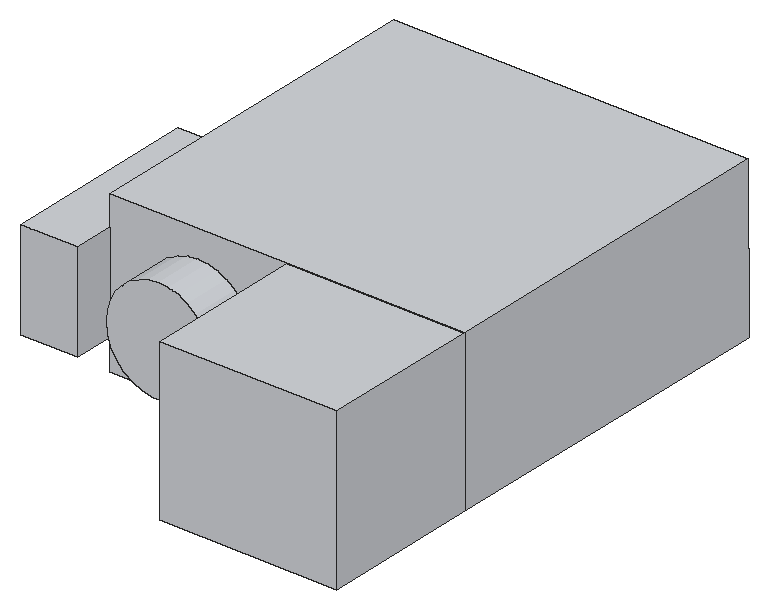
Revit family "QSTS", category Mechanical Equipment, Revit 2018
Family settings
  Round Connector Dimension = Use Radius
  Part Type = Normal
  Work Plane-Based = No
  Always vertical = Yes
  Cut with Voids When Loaded = No
  Shared = No
  Room Calculation Point = No
Parameters (values of type "QSTS 1/2-hp - 12" with S/Elbow")
  Q5Q = 18"
  Q5B = 20"
  Q5A = 18"
  Q5 Sound Elbow = yes
  Induction = no
  Discharge Height "Y" = 12"
  Discharge Width "X" = 14"
  Width = 40"
  URL = "http://www.anemostat.com"
  Radius = Diameter / 2  # 5 15/16"
  Model = "QSTS"
  Manufacturer = "Anemostat"
  Length = 40"
  Induction Width "C" = 17"
  Height = 18"
  Duct Inlet = Radius + 1/32"  # 5 31/32"
  Diameter = 11 7/8"
  Description = "Series Fan Powered Air Terminal"
Types (29): name | Q5Q | Q5B | Q5A | Q5 Sound Elbow | Induction | Discharge Height "Y" | Discharge Width "X" | Width | Radius | Length | Induction Width "C" | Height | Duct Inlet | Diameter
  (no name) | 18" | 20" | 18" | yes | no | 12" | 14" | 40" | 5 15/16" | 40" | 17" | 18" | 5 31/32" | 11 7/8"
  QSTS 1/2-hp - 10" with S/Elbow | 18" | 20" | 18" | yes | no | 12" | 14" | 40" | 4 15/16" | 40" | 17" | 18" | 4 31/32" | 9 7/8"
  QSTS 1/2-hp - 10" W/Out S/Elbow | 18" | 20" | 18" | no | yes | 12" | 14" | 40" | 4 15/16" | 40" | 17" | 18" | 4 31/32" | 9 7/8"
  QSTS 1/2-hp - 12" with S/Elbow | 18" | 20" | 18" | yes | no | 12" | 14" | 40" | 5 15/16" | 40" | 17" | 18" | 5 31/32" | 11 7/8"
  QSTS 1/2-hp - 12" W/Out S/Elbow | 18" | 20" | 18" | no | yes | 12" | 14" | 40" | 5 15/16" | 40" | 17" | 18" | 5 31/32" | 11 7/8"
  QSTS 1/2-hp - 14" with S/Elbow | 18" | 20" | 18" | yes | no | 12" | 14" | 40" | 6 15/16" | 40" | 17" | 18" | 6 31/32" | 13 7/8"
  QSTS 1/2-hp - 14" W/Out S/Elbow | 18" | 20" | 18" | no | yes | 12" | 14" | 40" | 6 15/16" | 40" | 17" | 18" | 6 31/32" | 13 7/8"
  QSTS 1-hp - 12" with S/Elbow | 20" | 24" | 20" | yes | no | 16" | 19" | 48" | 5 15/16" | 48" | 21" | 20" | 5 31/32" | 11 7/8"
  QSTS 3/4-hp - 12" W/Out S/Elbow | 20" | 24" | 20" | no | yes | 16" | 19" | 48" | 5 15/16" | 48" | 21" | 20" | 5 31/32" | 11 7/8"
  QSTS 3/4-hp - 14" with S/Elbow | 20" | 24" | 20" | yes | no | 16" | 19" | 48" | 7 7/16" | 48" | 21" | 20" | 7 15/32" | 14 7/8"
  QSTS 3/4-hp - 14" W/Out S/Elbow | 20" | 24" | 20" | no | yes | 16" | 19" | 48" | 7 7/16" | 48" | 21" | 20" | 7 15/32" | 14 7/8"
  QSTS 1-hp - 16" W/Out S/Elbow | 20" | 24" | 20" | no | yes | 16" | 19" | 48" | 7 15/16" | 48" | 21" | 20" | 7 31/32" | 15 7/8"
  QSTS 1-hp - 16" with S/Elbow | 20" | 24" | 20" | yes | no | 16" | 19" | 48" | 7 15/16" | 48" | 21" | 20" | 7 31/32" | 15 7/8"
  QSTS 1-hp - 14" W/Out S/Elbow | 20" | 24" | 20" | no | yes | 16" | 19" | 48" | 7 7/16" | 48" | 21" | 20" | 7 15/32" | 14 7/8"
  QSTS 1-hp - 14" with S/Elbow | 20" | 24" | 20" | yes | no | 16" | 19" | 48" | 7 7/16" | 48" | 21" | 20" | 7 15/32" | 14 7/8"
  QSTS 1-hp - 12" W/Out S/Elbow | 20" | 24" | 20" | no | yes | 16" | 19" | 48" | 5 15/16" | 48" | 21" | 20" | 5 31/32" | 11 7/8"
  QSTS 3/4-hp - 12" with S/Elbow | 20" | 24" | 20" | yes | no | 16" | 19" | 48" | 5 15/16" | 48" | 21" | 20" | 5 31/32" | 11 7/8"
  QSTS 1/4-hp - 08" W/Out S/Elbow | 18" | 18" | 18" | no | yes | 11" | 11 1/2" | 32" | 3 15/16" | 36" | 12" | 18" | 3 31/32" | 7 7/8"
  QSTS 1/4-hp - 08" with S/Elbow | 18" | 18" | 18" | yes | no | 11" | 11 1/2" | 32" | 3 15/16" | 36" | 12" | 18" | 3 31/32" | 7 7/8"
  QSTS 1/4-hp - 09" W/Out S/Elbow | 18" | 18" | 18" | no | yes | 11" | 11 1/2" | 32" | 4 7/16" | 36" | 12" | 18" | 4 15/32" | 8 7/8"
  QSTS 1/4-hp - 09" with S/Elbow | 18" | 18" | 18" | yes | no | 11" | 11 1/2" | 32" | 4 7/16" | 36" | 12" | 18" | 4 15/32" | 8 7/8"
  QSTS 1/4-hp - 10" W/Out S/Elbow | 18" | 18" | 18" | no | yes | 11" | 11 1/2" | 32" | 4 15/16" | 36" | 12" | 18" | 4 31/32" | 9 7/8"
  QSTS 1/4-hp - 10" with S/Elbow | 18" | 18" | 18" | yes | no | 11" | 11 1/2" | 32" | 4 15/16" | 36" | 12" | 18" | 4 31/32" | 9 7/8"
  QSTS 1/6-hp - 06" W/Out S/Elbow | 18" | 18" | 18" | no | yes | 11" | 11 1/2" | 32" | 2 15/16" | 36" | 12" | 18" | 2 31/32" | 5 7/8"
  QSTS 1/6-hp - 06" with S/Elbow | 18" | 18" | 18" | yes | no | 11" | 11 1/2" | 32" | 2 15/16" | 36" | 12" | 18" | 2 31/32" | 5 7/8"
  QSTS 1/6-hp - 07" W/Out S/Elbow | 18" | 18" | 18" | no | yes | 11" | 11 1/2" | 32" | 3 7/16" | 36" | 12" | 18" | 3 15/32" | 6 7/8"
  QSTS 1/6-hp - 07" with S/Elbow | 18" | 18" | 18" | yes | no | 11" | 11 1/2" | 32" | 3 7/16" | 36" | 12" | 18" | 3 15/32" | 6 7/8"
  QSTS 1/6-hp - 08" with S/Elbow | 18" | 18" | 18" | yes | no | 11" | 11 1/2" | 32" | 3 15/16" | 36" | 12" | 18" | 3 31/32" | 7 7/8"
  QSTS 1/6-hp - 08" W/Out S/Elbow | 18" | 18" | 18" | no | yes | 11" | 11 1/2" | 32" | 3 15/16" | 36" | 12" | 18" | 3 31/32" | 7 7/8"
Reference planes (in)
  plane 1 "Center (Front/Back)": y = 0
  plane 2: z = 0
  plane 3 "Center (Left/Right)": x = 0
  plane 4 "Right Face": x = 20
  plane 5 "Left Face": x = -20
  plane 6 "Back of Box": y = 40
  plane 7 "Bottom Induction": z = 1
  plane 8 "Horiz. Centerline": z = 9
  plane 9 "Top Induction": z = 17
  plane 10 "Top of Box": z = 18
  plane 11 "Induction Right Edge": x = 18.875
  plane 12 "Inlet Left Edge": x = -16
  plane 13: y = -5.5
  plane 14: x = 1.875
  plane 15: x = -10.0625
  plane 16 "Discharge Right Edge": x = -17
  plane 17 "Discharge Top Edge": z = 16.75
  plane 18: z = 4.75
  plane 19: x = -3
  plane 20: z = 3.5
  plane 21: y = -4.5
  plane 22: z = 14.625
  plane 23: y = 17.75
  plane 24 "Sound Elbow": y = -18
  plane 25: x = 0
  plane 26 "Enclosure Plane": x = -26.5
Forms (in)
  Extrusion 1, solid
    sketch origin (0, 0, 0) x (1, 0, 0) y (0, 0, 1)
      loop
        line (-20, 18) -> (-20, 0) -> (20, 0) -> (20, 18) -> (-20, 18)
    from 0 to -40
  Extrusion 2, solid
    sketch origin (0, 0, 0) x (1, 0, 0) y (0, 0, 1)
      loop
        line (18.875, 1) -> (18.875, 17) -> (1.875, 17) -> (1.875, 1) -> (18.875, 1)
    from 0 to 1
  Extrusion 3, solid
    sketch origin (0, 0, 0) x (1, 0, 0) y (0, 0, 1)
      loop
        circle (-10.0625, 9) r 5.9375
    from 0 to 5.5
  Extrusion 4, solid, visible <- "Induction"
    sketch origin (0, 40, 0) x (-1, 0, 0) y (0, 0, 1)
      loop
        line (17, 4.75) -> (17, 16.75) -> (3, 16.75) -> (3, 4.75) -> (17, 4.75)
    from 0 to 2
  Extrusion 5, solid
    sketch origin (-20, 0, 0) x (0, -1, 0) y (0, 0, 1)
      loop
        line (4.5, 3.5) -> (4.5, 14.625) -> (-17.75, 14.625) -> (-17.75, 3.5) -> (4.5, 3.5)
    from 0 to 6.5
  Extrusion 6, solid, visible <- "Q5 Sound Elbow"
    sketch origin (0, -18, 0) x (-1, 0, 0) y (0, 0, 1)
      loop
        line (0, 18) -> (-20, 18) -> (-20, 0) -> (0, 0) -> (0, 18)
    from 0 to 18 <- "Q5Q"
Dimensions and locks (in)
  "Width": plane 5 "Left Face" to plane 4 "Right Face"
  "Height": plane 10 "Top of Box" to level
  equal spacing: plane 10 "Top of Box", plane 8 "Horiz. Centerline", level
  equal spacing: plane 5 "Left Face", plane 3 "Center (Left/Right)", plane 4 "Right Face"
  locked: plane 10 "Top of Box" to plane 9 "Top Induction" at 1
  locked: plane 7 "Bottom Induction" to level at 1
  locked: plane 4 "Right Face" to plane 11 "Induction Right Edge" at 1.125
  locked: plane 5 "Left Face" to plane 12 "Inlet Left Edge" at 4
  "Length": plane 1 "Center (Front/Back)" to plane 6 "Back of Box"
  "Induction Width "C"": plane 11 "Induction Right Edge" to plane 14
  "Radius": plane 15 to plane 12 "Inlet Left Edge"
  locked: plane 5 "Left Face" to plane 16 "Discharge Right Edge" at 3
  locked: plane 17 "Discharge Top Edge" to plane 10 "Top of Box" at 1.25
  "Discharge Height "Y"": plane 18 to plane 17 "Discharge Top Edge"
  "Discharge Width "X"": plane 16 "Discharge Right Edge" to plane 19
  locked: plane 20 to level at 3.5
  locked: plane 1 "Center (Front/Back)" to plane 21 at 4.5
  locked: plane 22 to plane 20 at 11.125
  locked: plane 23 to plane 21 at 22.25
  "Q5Q": plane 24 "Sound Elbow" to plane 1 "Center (Front/Back)"
  "Q5B": plane 4 "Right Face" to plane 25
  locked: plane 26 "Enclosure Plane" to plane 5 "Left Face" at 6.5
  "Radius": radius of Extrusion 3 sketch curve
  aligned and locked: plane 6 "Back of Box" to Extrusion 1
  aligned and locked: plane 21 to Extrusion 5 sketch curve
  aligned and locked: plane 20 to Extrusion 5 sketch curve
  aligned and locked: plane 22 to Extrusion 5 sketch curve
  aligned and locked: plane 23 to Extrusion 5 sketch curve
  aligned and locked: plane 25 to Extrusion 6 sketch curve
  aligned and locked: Extrusion 6 sketch curve to plane 10 "Top of Box"
  aligned and locked: Extrusion 6 sketch curve to plane 4 "Right Face"
  aligned and locked: level to Extrusion 6 sketch curve
  aligned and locked: Extrusion 5 to plane 26 "Enclosure Plane"
Automatic sketch dimensions
  Extrusion 1 sketch curve to level = 0"
  plane 5 "Left Face" to Extrusion 1 sketch curve = 0"
  Extrusion 1 sketch curve to plane 4 "Right Face" = 0"
  Extrusion 1 sketch curve to plane 10 "Top of Box" = 0"
  Extrusion 2 sketch curve to plane 7 "Bottom Induction" = 0"
  Extrusion 2 sketch curve to plane 14 = 0"
  Extrusion 2 sketch curve to plane 9 "Top Induction" = 0"
  Extrusion 2 sketch curve to plane 11 "Induction Right Edge" = 0"
  Extrusion 3 sketch curve to plane 8 "Horiz. Centerline" = 0"
  Extrusion 3 sketch curve to plane 15 = 0"
  Extrusion 4 sketch curve to plane 18 = 0"
  plane 19 to Extrusion 4 sketch curve = 0"
  plane 16 "Discharge Right Edge" to Extrusion 4 sketch curve = 0"
  Extrusion 4 sketch curve to plane 17 "Discharge Top Edge" = 0"
Connectors (in)
  hvac at (-10.0625, -5.5, 9), driven by "Duct Inlet"
    settings: on Extrusion 3, index 1, duct flow 0 CFM, flow factor 0, pres drop 0.00 in-wg, loss coef 0, conn angle 0.00°, conn width 12", conn height 12", conn diameter 11 15/16", duct sys type 1, conn prof type 0, flow config 0, flow direction 0, loss method 0, conn ref index -1, conn util no, is conn primary yes, conn desc ""
  hvac at (-10, 42, 10.75), driven by "Discharge Width "X"", driven by "Discharge Height "Y""
    settings: on Extrusion 4, index 2, duct flow 0 CFM, flow factor 0, pres drop 0.00 in-wg, loss coef 0, conn angle 0.00°, conn width 14", conn height 12", conn diameter 24", duct sys type 1, conn prof type 1, flow config 0, flow direction 0, loss method 0, conn ref index -1, conn util no, is conn primary no, conn desc ""
